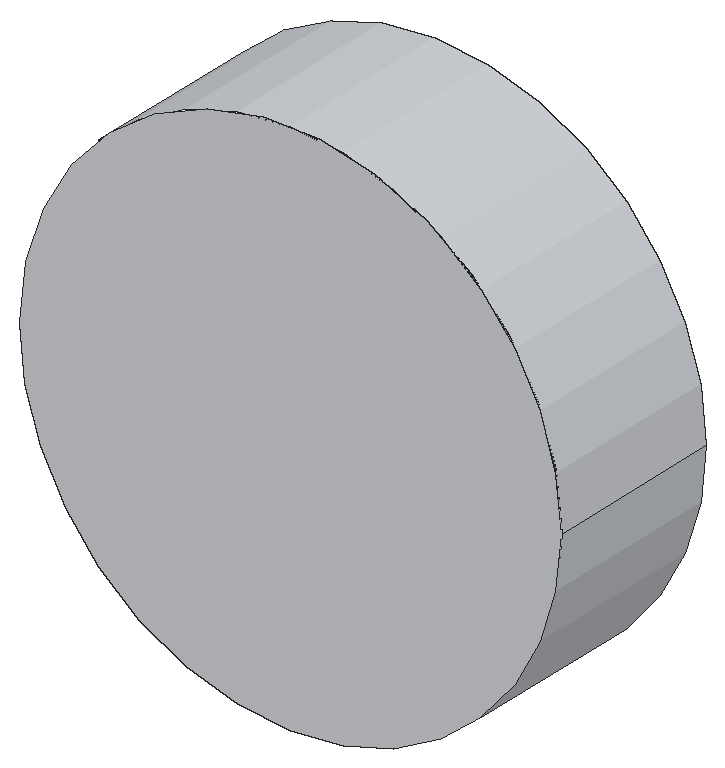
Revit family "LE_W_Auslass_für_Beleuchtung_V1700", category Leuchten, Revit 2017
Family settings
  Bemaßung runder Anschluss = Durchmesser verwenden
  Teiletyp = Normal
  OmniClass-Nummer = 23.80.70.11
  OmniClass-Titel = Luminaries for Internal Lighting
  Arbeitsebenenbasiert = Ja
  Immer vertikal = Ja
  Beim Laden mit Abzugskörper schneiden = Nein
  Lichtquelle = Nein
  Gemeinsam genutzt = Nein
  Raumberechnungspunkt = Nein
Parameters (values of type "Ausslass_Beleuchtung")
  pbr_Material_KZ = ""
  pbr_Material = none
  pbr_E_Typ = ""
  pbr_E_KZ = ""
  pbr_DINBild = 0
  pbr_Bild = 0
  cpiFitMatchKey [instance] = "E-WLR-18-5"
  Zentrale [instance] = ""
  Wirkleistung [instance] = 0 W
  Default Elevation = 1219.2 mm
  Typ = ""
  Text3 = ""
  Text2 = ""
  Text1 = ""
  Symbolabstand = 50 mm
  Symboltiefe [instance] = 200 mm
  Symbolbreite [instance] = 300 mm
  Spannung = 230 V  # constant formula
  Scheinleistung [instance] = 0 VA
  Scheinlast = 0 VA
  Schaltgruppe2 [instance] = 0
  Schaltgruppe1 [instance] = 0
  Radius_Leerrohr = 50 mm
  Poligkeit = 1
  Planungsbüro Rohling = "www.pbr.de"
  Menge(Dosenzahl) = 1
  Linie/Anschluss [instance] = ""
  Lastklassifizierung = Beleuchtung
  Lampentyp [instance] = ""
  Lampe = "Wandleuchte rechteck"
  Kommentar zur Wattzahl [instance] = ""
  Installationsart [instance] = ""
  Info = ""
  IFC = ""
  Höhe = 200 mm
  Gewerk [instance] = "BEL"
  Anschlussdosentiefe = 20 mm
  Anschlussbuchsenradius = 30 mm
Reference planes
  plane 1 "Mitte (Vorne/Hinten)": y = 0
  plane 2: z = 0
  plane 3 "Mitte (Links/Rechts)": x = 0
  plane 4: y = 50
  plane 5: y = 20
  plane 6 "Symbollinks": x = -150
  plane 7: x = 150
  plane 8: y = 250
Forms (mm)
  Sweep 1, solid
    path origin (0, 0, 0) x (1, 0, 0) y (0, 1, 0)
      loop
        line (0, 0) -> (0, 20)
    profile origin (0, 10, 0) x (-1, 0, 0) y (0, 0, 1)
      loop
        circle (0, 0) r 30
Lines and regions (mm)
  reference lines
    curve 1: line (0, 0, 1407.319) -> (0, 0, 1447.319)
Dimensions and locks
  "Anschlussdosentiefe": plane 5 to plane 1 "Mitte (Vorne/Hinten)"
  "Symbolabstand": plane 4 to plane 1 "Mitte (Vorne/Hinten)"
  "Symbolbreite": plane 6 "Symbollinks" to plane 7
  equal spacing: plane 6 "Symbollinks", plane 3 "Mitte (Links/Rechts)", plane 7
  "Symboltiefe": plane 8 to plane 4
  "Anschlussbuchsenradius": radius of Sweep 1 sketch curve
  aligned and locked: level to plane 2
Automatic sketch dimensions
  curve 1 to plane 3 "Mitte (Links/Rechts)" = 0 mm
  level to curve 1 = 1407.319 mm
  curve 1 to curve 1 = 40 mm
  Sweep 1 sketch curve to plane 3 "Mitte (Links/Rechts)" = 0 mm
  plane 1 "Mitte (Vorne/Hinten)" to Sweep 1 sketch curve = 0 mm
  Sweep 1 sketch curve to plane 5 = 0 mm
  Sweep 1 sketch curve to level = 0 mm
  Sweep 1 sketch curve to profile plane = 0 mm
Nested families
  nested 1: "Wandauslass" at (0, 5, 0), type "Wandauslass"
Connectors
  electrical at (0, 0, 0), driven by "Spannung"
    settings: on Sweep 1, index 1, voltage 230 V, apparent load 0 VA, apparent load phase1 18 VA, apparent load phase2 0 VA, apparent load phase3 0 VA, power factor 1, load classification "Beleuchtung", number of poles 1, system type 31, power factor state 1, is connector primary yes, connector utility no, sub classification motor no, connector description ""
  cabletrayconduit at (0, 0, 0), diameter 50, driven by "Radius_Leerrohr"
    settings: on Sweep 1, index 2, connector width 300 mm, connector height 300 mm, connector angle 0.00°, system type 32, placement type 0, profile type 0, connector reference index -1, is primary connector yes, connector utility param no, connector description ""
Definition of nested family "Wandauslass"
  Reference planes
    plane 1 "Mitte (Vorne/Hinten)": y = 0
    plane 2: z = 0
    plane 3 "Mitte (Links/Rechts)": x = 0
  Lines and regions (mm)
    Filled region 1, type "Beton", in view "Referenzebene"
      outline origin (0, 0, 0) x (1, 0, 0) y (0, 1, 0)
        loop
          line (-150, 250) -> (-154.038, 245.962) -> (-10.298, 149.008) -> (-152.711, 54.066) -> (-150, 50) -> (-147.578, 46.367) -> (-5, 141.419) -> (-5, 5) -> (-150, 5) -> (-150, -5) -> (152.086, -5) -> (152.086, 5) -> (5, 5) -> (5, 141.486) -> (147.095, 45.642) -> (150, 50) -> (152.774, 54.16) -> (10.038, 149.317) -> (153.404, 244.894) -> (147.81, 253.284) -> (-0.065, 154.701) -> (-146.516, 253.484) -> (-150, 250)
